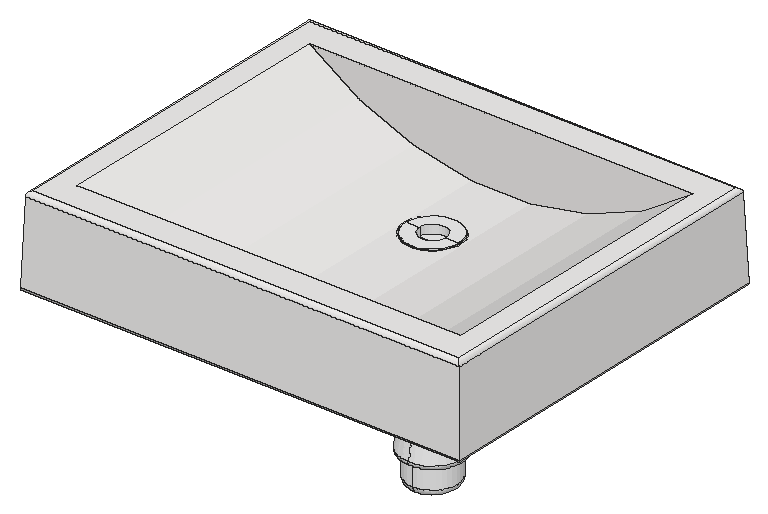
Revit family "2Incepa_Ocean_Cuba de Apoio Pacific_63067", category Plumbing Fixtures, Revit 2014
Parameters (values of type "01 - Branco")
  WFU = 2
  Type Comments = ""
  Raio Ponto de Esgoto = 20 mm
  Place on face [instance] = no
  Outros Complementos [instance] = "Sifão para lavatório 1\"x1.1⁄2\" com tubo de 300 mm (B5816C5CRB) + Válvula de escoamento para lavatório, 1\" sem ladrão com tampa plástica (B5828C5CR3), linha Complementos - Metais Celite"
  Louças [instance] = Incepa - Louça_Branca
  Incepa: Versão = "Autodesk Revit MEP 2014"  # constant formula
  Incepa: Vazão de Esgoto [instance] = 0.0 L/s
  Incepa: Tipo = "Cubas"  # constant formula
  Incepa: Produto = "Louças"  # constant formula
  Incepa: Norma = "ABNT NBR 15097-1: 2011 - Requisitos e métodos de ensaio"
  Incepa: Link do Produto = "http://www.banheirosincepa.com.br/pt/produtos/436/"
  Incepa: Linha = "Ocean"  # constant formula
  Incepa: Informações Técnicas [instance] = "N/A"
  Incepa: Informações Gerais [instance] = "N/A"
  Incepa: Fabricante = "Incepa"  # constant formula
  Incepa: Desenho Técnico = "N/A"
  Incepa: Descrição = "Cuba de apoio Pacific cor branca (63067), 500 x 410 mm, linha Ocean - Louças Incepa"
  Incepa: Código = "63067"
  Incepa: Cores Disponíveis = "Branco"
  Incepa: Copyright © = "© 2015 Incepa"  # constant formula
  Incepa: Complementos [instance] = if(Complemento, Outros Complementos, "N/A")  # "Sifão para lavatório 1\"x1.1⁄2\" com tubo de 300 mm (B5816C5CRB) + Válvula de escoamento para lavatório, 1\" sem ladrão com tampa plástica (B5828C5CR3), linha Complementos - Metais Celite"
  Incepa: Categoria = "Cubas e Lavatórios"  # constant formula
  Incepa: Altura da torneira [instance] = Elevação somente no plano  # 662 mm
  Incepa: Altura da Peça [instance] = Elevação somente no plano  # 662 mm
  Incepa: Altura Ponto de Esgoto [instance] = Altura Ponto de Esgoto  # 500 mm
  Desnível Aux. Ponto de Esgoto [instance] = 100 mm
  HWFU = 0
  Diâmetro Ponto de Esgoto = Raio Ponto de Esgoto * 2  # 40 mm
  Distância Parede/Face [instance] = 0 mm
  Tipo de Sifão [instance] = Celite_Complementos_Sifão de Uso Geral : Sifão para lavatório - B5816C5CRB
  Complemento [instance] = yes
  URL = "http://www.banheirosincepa.com.br/pt"
  Selo de Qualidade ofcdesk = "Standard"  # constant formula
  Model = Incepa: Código  # "63067"
  Metais [instance] = Celite - Cromado
  Manufacturer = Incepa: Fabricante  # "Incepa"
  Elevação somente no plano [instance] = 662 mm
  Description = Incepa: Descrição  # "Cuba de apoio Pacific cor branca (63067), 500 x 410 mm, linha Ocean - Louças Incepa"
  Default Elevation = 0 mm
  Desenvolvido por = "ofcdesk"  # constant formula
  Com Válvula (quantificável) [instance] = yes
  Com Sifão (quantificável) [instance] = yes
  CWFU = 0
  Assembly Code = "D2010400"
  Desnível Ponto de Esgoto [instance] = if(not(Place on face), Elevação somente no plano - Altura Ponto de Esgoto, Desnível Aux. Ponto de Esgoto)  # 162 mm
  Altura Ponto de Esgoto [instance] = 500 mm
Reference planes
  plane 1 "Center (Front/Back)": y = 0
  plane 2: z = 0
  plane 3 "Center (Left/Right)": x = 0
  plane 4: z = 662
  plane 5: z = 500
  plane 6: y = -65
  plane 7: y = 0
  plane 8: z = 624.793
  plane 9: y = -136.034
  plane 10: z = 616.5
  plane 11: z = 687
Dimensions and locks
  "Elevação somente no plano": plane 4 to plane 2
  "Desnível Ponto de Esgoto": plane 4 to plane 5
  plane 11 to plane 4 to plane 8 = 25 mm locked, 37.207 mm locked
  plane 7 to plane 6 to plane 9 = 65 mm locked, 71.034 mm locked
  "Distância Parede/Face": plane 1 "Center (Front/Back)" to plane 7
  locked: plane 8 to plane 10 at 8.293
  aligned and locked: level to plane 2
  aligned and locked: plane 1 "Center (Front/Back)" to nested 3
  aligned and locked: plane 5 to nested 3
  aligned and locked: plane 8 to nested 3
  aligned and locked: plane 9 to nested 3
  aligned and locked: nested 2 to plane 9
  aligned and locked: plane 3 "Center (Left/Right)" to nested 2
  aligned and locked: nested 1 to plane 7
Nested families
  nested 1: "63067" at (0, 0, 662), Louças <- "Louças", type "63067"
  nested 2: "Celite_Complementos_Válvula de Escoamento" at (0, -136.034, 687), Metais <- "Metais", visible <- "Com Válvula (quantificável)", type "Válvula de escoamento para lavatório - B5828C5CR3"
    with Raio2 30 mm, Raio1 16 mm, Raio furo 15 mm, Metais Celite - Cromado, L/Rosca 54.856 mm, Comprimento 70.5 mm, Celite: Norma "ABNT NBR 15423:2006 - Requisitos e métodos de ensaio"
  nested 3: "Celite_Complementos_Sifão de Uso Geral" at (0, 0, 500), visible <- "Com Sifão (quantificável)", Metais <- "Metais", Celite: Vazão de Projeto <- "Incepa: Vazão de Esgoto", type "Sifão para lavatório - B5816C5CRB"
    with Raio1 16 mm, Metais Celite - Cromado, Elevação 0 mm, Celite: Vazão de Projeto 0.0 L/s, Celite: Informações Técnicas "N/A", Celite: Informações Gerais "N/A", Celite: Altura da Peça 0 mm, Ajuste Vetical no Lavatório 124.793 mm, Afastamento da Parede 136.034 mm
Connectors
  piping at (0, -14.131, 500), diameter 40, driven by "Raio Ponto de Esgoto", driven by "Incepa: Vazão de Esgoto", driven by "WFU"
    settings: on nested 3, index 1, connector inside diameter 609.6 mm, connector length 0 mm, flow factor 0, pipe flow 0.0 L/s, pressure drop 0.0 kPa, fitting loss kfactor 0, connector angle 0.00°, fixture units 2, engagement length 0 mm, angle of deflection 0.00°, flow configuration 3, flow direction 2, fitting loss method 0, system type 16, joint type 0, gender type 0, connector reference index -1, connector utility 0, adjustable connector no, is connector primary yes, connector description ""
Definition of nested family "63067"
  Parameters (values of type "63067")
    WFU = 0
    Type Comments = ""
    Profundidade = 410 mm
    Largura = 500 mm
    HWFU = 0
    URL = "http://www.incepa.com.br"
    Selo de Qualidade ofcdesk = "Standard"  # constant formula
    Model = ""
    Manufacturer = "Incepa"
    Louças [instance] = Incepa - Louça_Branca
    Description = ""
    Default Elevation = 0 mm
    Desenvolvido por = "ofcdesk"  # constant formula
    CWFU = 0
    Assembly Code = ""
  Reference planes
    plane 1 "Back": y = 0
    plane 2: z = 0
    plane 3 "Center (Left/Right)": x = 0
    plane 4 "Top": z = 100
    plane 5: y = -410
    plane 6: x = -250
    plane 7: x = 250
    plane 8: y = -136.034
  Forms (mm)
    Sweep 1, solid, material "Incepa - Louça_Branca" <- "Louças"
      path origin (0, 0, 0) x (1, 0, 0) y (0, 1, 0)
        loop
          line (-250, 0) -> (-250, -410) -> (250, -410) -> (250, 0) -> (-250, 0)
      profile origin (-250, -205, 0) x (1, 0, 0) y (0, 0, 1)
        loop
          line (1.966, 0) -> (30, 0) -> (30, 100) -> (8.248, 100)
          arc (8.248, 100) -> (4.774, 98.595) -> (3.251, 95.171) r 5
          line (3.251, 95.171) -> (0.067, 1.965)
          arc (0.067, 1.965) -> (0.6, 0.58) -> (1.966, 0) r 1.9
    Extrusion 2, solid, material "Incepa - Louça_Branca" <- "Louças"
      sketch origin (0, 0, 0) x (1, 0, 0) y (0, 1, 0)
        loop
          line (-220, -380) -> (220, -380) -> (220, -30) -> (-220, -30) -> (-220, -380)
      from 0 to 100
    Extrusion 3, void
      sketch origin (0, 0, 0) x (1, 0, 0) y (0, 0, 1)
        loop
          arc (-250, 129.681) -> (-0.248, 23.874) -> (250, 128.503) r 349.611
          line (250, 128.503) -> (250, 170) -> (-250, 170) -> (-250, 129.681)
      from 40.016 to 369.845
    Revolve 4, void
      sketch origin (0, 0, 0) x (0, 1, 0) y (0, 0, 1)
        loop
          line (-157.211, 14.057) -> (-157.211, -3.756) -> (-136.034, -3.756) -> (-136.034, 38.203) -> (-181.358, 38.203) -> (-157.211, 14.057)
        axis (-136.034, -3.756) -> (-136.034, 38.203)
      angle from 0 to 360
  Cuts and joins
    Extrusion 3, Revolve 4 cuts Sweep 1
    Extrusion 3, Revolve 4 cuts Extrusion 2
    joined: Sweep 1, Extrusion 2
  Dimensions and locks
    plane 4 "Top" to plane 2 = 100 mm  (x2)
    "Largura": plane 6 to plane 7
    "Profundidade": plane 5 to plane 1 "Back"
    equal spacing: plane 6, plane 3 "Center (Left/Right)", plane 7
    plane 1 "Back" to Revolve 4 sketch curve to Revolve 4 sketch curve to Revolve 4 sketch curve = 136.034 mm locked, 21.178 mm locked, 24.146 mm locked
    Extrusion 3 sketch curve to Extrusion 3 sketch curve to Extrusion 3 sketch curve to Extrusion 3 sketch curve to plane 2 = 40.319 mm locked, 1.178 mm locked, 104.63 mm locked, 23.873 mm locked
    aligned and locked: plane 2 to level
    aligned and locked: Sweep 1 sketch curve to plane 6
    aligned and locked: Sweep 1 sketch curve to plane 7
    aligned and locked: Sweep 1 sketch curve to plane 1 "Back"
    aligned and locked: Sweep 1 sketch curve to plane 5
    aligned and locked: Extrusion 2 sketch curve to Sweep 1  (x4)
    aligned and locked: plane 4 "Top" to Extrusion 2
    aligned and locked: plane 6 to Extrusion 3 sketch curve
    aligned and locked: Extrusion 3 sketch curve to plane 7
  Automatic sketch dimensions
    Sweep 1 sketch curve to level = 0 mm
    Sweep 1 sketch curve to profile plane = 0.067 mm
    Sweep 1 sketch curve to Sweep 1 sketch curve = 1.899 mm
    Sweep 1 sketch curve to profile plane = 3.251 mm
    Sweep 1 sketch curve to Sweep 1 sketch curve = 4.997 mm
    level to Sweep 1 sketch curve = 1.9 mm
    Sweep 1 sketch curve to Sweep 1 sketch curve = 93.1 mm
    Sweep 1 sketch curve to Sweep 1 sketch curve = 0.171 mm
    Sweep 1 sketch curve to Sweep 1 sketch curve = 28.034 mm
    level to Revolve 4 sketch curve = 38.203 mm
    level to Revolve 4 sketch curve = 14.057 mm
    Revolve 4 sketch curve to level = 3.756 mm
    Revolve 4 sketch curve to Revolve 4 sketch curve = 0 mm  (x2)
    Revolve 4 sketch curve to Revolve 4 sketch curve = 18.011 mm
Definition of nested family "Celite_Complementos_Válvula de Escoamento"
  Parameters (values of type "Válvula de escoamento para lavatório - B5828C5CR3")
    Waste Connection = 1 = 0  # no
    WFU = 0  # constant formula
    Vent Connection = 1 = 0  # no
    URL = "http://www.celite.com.br"
    Selo de Qualidade ofcdesk = "Standard"  # constant formula
    Raio1 [instance] = 16 mm
    Raio2 [instance] = 30 mm
    Raio furo [instance] = 15 mm
    Model = Celite: Código  # "B5828C5CR3"
    Metais [instance] = Celite - Cromado
    Manufacturer = Celite: Fabricante  # "Celite"
    L/Rosca [instance] = 59.5 mm
    HWFU = 0  # constant formula
    HW Connection = 1 = 0  # no
    Desenvolvido por = "ofcdesk"  # constant formula
    Description = Celite: Descrição  # "Válvula de escoamento para lavatório, 1\" sem ladrão com tampa plástica (B5828C5CR3), Complementos - Metais Celite"
    Default Elevation = 0 mm
    Comprimento [instance] = 70.5 mm
    Celite: Versão = "Autodesk Revit MEP 2014"  # constant formula
    Celite: Tipo = "Válvulas de escoamento"  # constant formula
    Celite: Produto = "Metais"  # constant formula
    Celite: Norma [instance] = "ABNT NBR 15423:2006 - Requisitos e métodos de ensaio"
    Celite: Link do Produto = "http://www.celite.com.br/pt/produtos/categoria/2/tipo/10/subtipo/19/"
    Celite: Linha = "Válvulas"  # constant formula
    Celite: Informações Técnicas = "N/A"
    Celite: Informações Gerais = "N/A"
    Celite: Fabricante = "Celite"  # constant formula
    Celite: Desenho Técnico = "http://www.celite.com.br/media/uploads/desenhos_tecnicos/A5828C5CR3_Valvula_de_escoamento_Lavatorio.pdf"
    Celite: Descrição = "Válvula de escoamento para lavatório, 1\" sem ladrão com tampa plástica (B5828C5CR3), Complementos - Metais Celite"
    Celite: Código = "B5828C5CR3"
    Celite: Cores Disponíveis = "Cromado"
    Celite: Copyright © = "© 2014 Celite"  # constant formula
    Celite: Categoria = "Complementos"  # constant formula
    CW Connection = 1 = 0  # no
    Assembly Code = "D2010"
  Types (5, lengths in mm): name | Raio1 | Raio2 | Raio furo | Model | L/Rosca | Description | Comprimento | Celite: Desenho Técnico | Celite: Descrição | Celite: Código
    (no name) | 16 | 30 | 15 | "B5828C5CR3" | 59.5 | "Válvula de escoamento para lavatório, 1\" sem ladrão com tampa plástica (B5828C5CR3), Complementos - Metais Celite" | 70.5 | "http://www.celite.com.br/media/uploads/desenhos_tecnicos/A5828C5CR3_Valvula_de_escoamento_Lavatorio.pdf" | "Válvula de escoamento para lavatório, 1\" sem ladrão com tampa plástica (B5828C5CR3), Complementos - Metais Celite" | "B5828C5CR3"
    Válvula de escoamento para lavatório - B5828C5CR3 | 16 | 30 | 15 | "B5828C5CR3" | 59.5 | "Válvula de escoamento para lavatório, 1\" sem ladrão com tampa plástica (B5828C5CR3), Complementos - Metais Celite" | 70.5 | "http://www.celite.com.br/media/uploads/desenhos_tecnicos/A5828C5CR3_Valvula_de_escoamento_Lavatorio.pdf" | "Válvula de escoamento para lavatório, 1\" sem ladrão com tampa plástica (B5828C5CR3), Complementos - Metais Celite" | "B5828C5CR3"
    Válvula de escoamento para tanque - B5829C5CR3 | 20 | 32.8 | 18 | "B5829C5CR3" | 57 | "Válvula de escoamento para tanque (B5829C5CR3), Complementos - Metais Celite" | 65.5 | "http://www.celite.com.br/media/uploads/desenhos_tecnicos/A5829C5CR3_Valvula_de_escoamento_Tanque.pdf" | "Válvula de escoamento para tanque (B5829C5CR3), Complementos - Metais Celite" | "B5829C5CR3"
    Válvula de escoamento para cozinha - B5830C5CRB | 25 | 44 | 25 | "B5830C5CRB" | 35 | "Válvula de escoamento para cozinha, 3.1/2\" x 1.1/2\" com cesta metal (B5830C5CRB), Complementos - Metais Celite" | 45 | "http://www.celite.com.br/media/uploads/desenhos_tecnicos/A5830C5CRB_Valvula_de_escoamento_Cozinha_3-1.2.pdf" | "Válvula de escoamento para cozinha, 3.1/2\" x 1.1/2\" com cesta metal (B5830C5CRB), Complementos - Metais Celite" | "B5830C5CRB"
    Válvula de escoamento para cozinha - B5831C5CRB | 25 | 56.5 | 30 | "B5831C5CRB" | 35 | "Válvula de escoamento para cozinha, 4.1/2\" x 1.1/2\" com cesta metal (B5831C5CRB), Complementos - Metais Celite" | 49 | "http://www.celite.com.br/media/uploads/desenhos_tecnicos/A5831C5CRB_Valvula_de_escoamento_Cozinha_4-1.2.pdf" | "Válvula de escoamento para cozinha, 4.1/2\" x 1.1/2\" com cesta metal (B5831C5CRB), Complementos - Metais Celite" | "B5831C5CRB"
  Reference planes
    plane 1 "Center (Front/Back)": y = 0
    plane 2: z = 0
    plane 3 "Center (Left/Right)": x = 0
    plane 4: z = -70.5
    plane 5: z = -11
  Forms (mm)
    Extrusion 1, solid
      sketch origin (0, 0, 0) x (1, 0, 0) y (0, 1, 0)
        loop
          line (-400, 400) -> (-400, -400.224) -> (399.59, -400.224) -> (399.59, 400) -> (-400, 400)
      from 0 to -304.8
    Revolve 2, solid, material "Celite - Cromado" <- "Metais"
      sketch origin (0, 0, 0) x (1, 0, 0) y (0, 0, 1)
        loop
          line (0, -8.185) -> (-15, -8.185) -> (-15, 1) -> (-30, 1) -> (-30, 0) -> (-16, -11) -> (-16, -70.5) -> (0, -70.5) -> (0, -8.185)
        axis (0, 1) -> (0, -70.5)
      angle from 0 to 360
  Dimensions and locks
    "Comprimento": level to plane 4
    "L/Rosca": plane 5 to plane 4
    "Raio1": plane 3 "Center (Left/Right)" to Revolve 2 sketch curve
    "Raio2": plane 3 "Center (Left/Right)" to Revolve 2 sketch curve
    locked: plane 2 to Revolve 2 sketch curve at 8.185
    "Raio furo": plane 3 "Center (Left/Right)" to Revolve 2 sketch curve
    aligned and locked: plane 2 to Extrusion 1
    aligned and locked: level to Extrusion 1
    aligned and locked: Revolve 2 sketch curve to plane 3 "Center (Left/Right)"  (x2)
    aligned and locked: plane 5 to Revolve 2 sketch curve
    aligned and locked: plane 4 to Revolve 2 sketch curve
    aligned and locked: level to Revolve 2 sketch curve
  Automatic sketch dimensions
    Extrusion 1 sketch curve to Extrusion 1 sketch curve = 799.59 mm
    Extrusion 1 sketch curve to Extrusion 1 sketch curve = 800.224 mm
    Revolve 2 sketch curve to Revolve 2 sketch curve = 1 mm
    level to Revolve 2 sketch curve = 25 mm
    Revolve 2 sketch curve to Revolve 2 sketch curve = 60 mm
Definition of nested family "Celite_Complementos_Sifão de Uso Geral"
  Parameters (values of type "Sifão para cozinha - B5817C5CRB")
    WFU = 2
    URL = "http://www.celite.com.br"
    Selo de Qualidade ofcdesk = "Standard"  # constant formula
    Raio1 [instance] = 16 mm
    Raio Ponto de Esgoto = 20 mm
    Model = Celite: Código  # "B5817C5CRB"
    Metais [instance] = Celite - Cromado
    Manufacturer = Celite: Fabricante  # "Celite"
    Elevação [instance] = 680 mm
    Diâmetro Ponto de Esgoto = Raio Ponto de Esgoto * 2  # 40 mm
    Desenvolvido por = "ofcdesk"  # constant formula
    Description = Celite: Descrição  # "Sifão para cozinha 1.1⁄2”x 1.1⁄2” com tubo de 300 mm (B5817C5CRB), linha Complementos - Metais Celite"
    Default Elevation = 0 mm
    Celite: Versão = "Autodesk Revit MEP 2014"  # constant formula
    Celite: Vazão de Projeto [instance] = 0.0 L/s
    Celite: Tipo = "Sifões"  # constant formula
    Celite: Produto = "Metais"  # constant formula
    Celite: Norma = "ABNT NBR 14162:2011 - Requisitos e métodos de ensaio"
    Celite: Link do Produto = "http://www.celite.com.br/pt/produtos/categoria/2/tipo/10/subtipo/9/"
    Celite: Linha = "Complementos"  # constant formula
    Celite: Informações Técnicas [instance] = "N/A"
    Celite: Informações Gerais [instance] = "N/A"
    Celite: Fabricante = "Celite"  # constant formula
    Celite: Desenho Técnico = "http://www.celite.com.br/media/uploads/desenhos_tecnicos/A5817C5CRB.gif"
    Celite: Descrição = "Sifão para cozinha 1.1⁄2”x 1.1⁄2” com tubo de 300 mm (B5817C5CRB), linha Complementos - Metais Celite"
    Celite: Código = "B5817C5CRB"
    Celite: Cores Disponíveis = "Cromado"
    Celite: Copyright © = "© 2014 Celite"  # constant formula
    Celite: Categoria = "Cozinhas e Lavatórios"  # constant formula
    Celite: Altura da Peça [instance] = Elevação  # 680 mm
    Assembly Code = "D2010"
    Ajuste Vetical no Lavatório [instance] = 100 mm
    Afastamento da Parede [instance] = 300 mm
  Types (6, lengths in mm): name | Raio Ponto de Esgoto | Model | Diâmetro Ponto de Esgoto | Description | Celite: Desenho Técnico | Celite: Descrição | Celite: Código
    (no name) | 20 | "B5817C5CRB" | 40 | "Sifão para cozinha 1.1⁄2”x 1.1⁄2” com tubo de 300 mm (B5817C5CRB), linha Complementos - Metais Celite" | "http://www.celite.com.br/media/uploads/desenhos_tecnicos/A5817C5CRB.gif" | "Sifão para cozinha 1.1⁄2”x 1.1⁄2” com tubo de 300 mm (B5817C5CRB), linha Complementos - Metais Celite" | "B5817C5CRB"
    Sifão para lavatório - B5816C5CRB | 20 | "B5816C5CRB" | 40 | "Sifão para lavatório 1\"x1.1⁄2\" com tubo de 300 mm (B5816C5CRB), linha Complementos - Metais Celite" | "http://www.celite.com.br/media/uploads/desenhos_tecnicos/A5816C5CRB.gif" | "Sifão para lavatório 1\"x1.1⁄2\" com tubo de 300 mm (B5816C5CRB), linha Complementos - Metais Celite" | "B5816C5CRB"
    Sifão para tanque com adaptador para 2" - B5005C5CRB | 30 | "B5005C5CRB" | 60 | "Sifão para tanque 1.1⁄4”x 1.1⁄2” com adaptador para 2” e tubo de 200 mm (B5005C5CRB), linha Complementos - Metais Celite" | "http://www.celite.com.br/media/uploads/desenhos_tecnicos/A5005C5CRB.gif" | "Sifão para tanque 1.1⁄4”x 1.1⁄2” com adaptador para 2” e tubo de 200 mm (B5005C5CRB), linha Complementos - Metais Celite" | "B5005C5CRB"
    Sifão para tanque - B5005C5CRB | 20 | "B5005C5CRB" | 40 | "Sifão para tanque 1.1⁄4”x 1.1⁄2” e tubo de 200 mm (B5005C5CRB), linha Complementos - Metais Celite" | "http://www.celite.com.br/media/uploads/desenhos_tecnicos/A5005C5CRB.gif" | "Sifão para tanque 1.1⁄4”x 1.1⁄2” e tubo de 200 mm (B5005C5CRB), linha Complementos - Metais Celite" | "B5005C5CRB"
    Sifão para cozinha com adaptador para 2" - B5817C5CRB | 30 | "B5817C5CRB" | 60 | "Sifão para cozinha 1.1⁄2”x 1.1⁄2” com adaptador para 2” e tubo de 300 mm (B5817C5CRB), linha Complementos - Metais Celite" | "http://www.celite.com.br/media/uploads/desenhos_tecnicos/A5817C5CRB.gif" | "Sifão para cozinha 1.1⁄2”x 1.1⁄2” com adaptador para 2” e tubo de 300 mm (B5817C5CRB), linha Complementos - Metais Celite" | "B5817C5CRB"
    Sifão para cozinha - B5817C5CRB | 20 | "B5817C5CRB" | 40 | "Sifão para cozinha 1.1⁄2”x 1.1⁄2” com tubo de 300 mm (B5817C5CRB), linha Complementos - Metais Celite" | "http://www.celite.com.br/media/uploads/desenhos_tecnicos/A5817C5CRB.gif" | "Sifão para cozinha 1.1⁄2”x 1.1⁄2” com tubo de 300 mm (B5817C5CRB), linha Complementos - Metais Celite" | "B5817C5CRB"
  Reference planes
    plane 1 "Center (Front/Back)": y = 0
    plane 2: z = 0
    plane 3 "Center (Left/Right)": x = 0
    plane 4: y = -300
    plane 5: z = 780
    plane 6: z = 680
  Forms (mm)
    Sweep 1, solid, material "Celite - Cromado" <- "Metais"
      path origin (0, 1442.421, 680) x (0, 1, 0) y (-1, 0, 0)
        loop
          line (-1442.421, 0) -> (-1697.421, 0)
      profile origin (0, -127.5, 680) x (1, 0, 0) y (0, 0, 1)
        loop
          circle (0, 0) r 19.05
        loop
          circle (0, 0) r 16
    Revolve 2, solid, material "Celite - Cromado" <- "Metais"
      sketch origin (0, 0, 0) x (0, 1, 0) y (0, 0, 1)
        loop
          line (-255, 680) -> (-255, 701.589)
          arc (-255, 701.589) -> (-256.067, 704.702) -> (-258.821, 706.505) r 5.073
          arc (-258.821, 706.505) -> (-261.574, 706.108) -> (-263.24, 703.88) r 3.635
          line (-263.24, 703.88) -> (-265.857, 703.88) -> (-265.857, 680) -> (-255, 680)
        axis (-265.857, 680) -> (-255, 680)
      angle from 0 to 360
    SweptBlend 3, solid, material "Celite - Cromado" <- "Metais"
      path origin (0, 0, 0) x (0, 1, 0) y (0, 0, 1)
        loop
          line (-265.857, 680) -> (-300, 680)
      profile origin (0, -265.857, 680) x (0, 0, -1) y (1, 0, 0)
        loop
          circle (0, 0) r 22.486
      end profile origin (0, -300, 680) x (0, 0, -1) y (1, 0, 0)
        loop
          circle (0, 0) r 21.589
    Revolve 4, solid, material "Celite - Cromado" <- "Metais"
      sketch origin (0, 0, 0) x (0, 1, 0) y (0, 0, 1)
        loop
          line (-300, 704.157) -> (-274.606, 704.157) -> (-274.606, 707.127)
          arc (-274.606, 707.127) -> (-274.901, 707.84) -> (-275.614, 708.135) r 1.008
          line (-275.614, 708.135) -> (-282.5, 708.135) -> (-283.521, 709.156) -> (-300, 709.156) -> (-300, 704.157)
        axis (-300, 709.156) -> (-300, 704.157)
      angle from 0 to 360
    Sweep 5, solid, material "Celite - Cromado" <- "Metais"
      path origin (0, 0, 0) x (0, 1, 0) y (0, 0, 1)
        loop
          line (-300, 709.156) -> (-300, 715.122)
      profile origin (0, -300, 712.139) x (0, -1, 0) y (1, 0, 0)
        loop
          circle (0, 0) r 16.479
    Sweep 6, solid, material "Celite - Cromado" <- "Metais"
      path origin (0, 0, 0) x (0, 1, 0) y (0, 0, 1)
        loop
          line (-300, 715.122) -> (-300, 769.613)
      profile origin (0, -300, 742.368) x (0, -1, 0) y (1, 0, 0)
        loop
          circle (0, 0) r 13
    Revolve 7, solid, material "Celite - Cromado" <- "Metais"
      sketch origin (0, 0, 0) x (0, 1, 0) y (0, 0, 1)
        loop
          line (0, 699.07) -> (0, 714.571)
          arc (0, 714.571) -> (-7.459, 714.035) -> (-14.888, 713.172) r 170.27
          arc (-14.888, 713.172) -> (-16.254, 712.452) -> (-16.959, 711.077) r 2.565
          line (-16.959, 711.077) -> (-16.959, 699.07) -> (0, 699.07)
        axis (-16.959, 680) -> (0, 680)
      angle from 0 to 360
    Sweep 8, void
      path origin (0, 1442.421, 680) x (0, 1, 0) y (-1, 0, 0)
        loop
          line (-1440.976, 0) -> (-1456.552, 0)
      profile origin (0, -6.343, 680) x (1, 0, 0) y (0, 0, 1)
        loop
          circle (0, 0) r 30
    Revolve 9, solid, material "Celite - Cromado" <- "Metais"
      sketch origin (0, 0, 0) x (0, 1, 0) y (0, 0, 1)
        loop
          line (-300, 771.707) -> (-300, 769.613) -> (-281.111, 769.613) -> (-281.111, 780) -> (-284, 780) -> (-284, 771.707) -> (-300, 771.707)
        axis (-300, 780) -> (-300, 769.613)
      angle from 0 to 360
    Revolve 10, solid, material "Celite - Cromado" <- "Metais"
      sketch origin (0, 0, 0) x (0, 1, 0) y (0, 0, 1)
        loop
          line (-300, 704.157) -> (-325.394, 704.157) -> (-334.85, 649.952)
          arc (-334.85, 649.952) -> (-333.712, 646.324) -> (-330.244, 644.765) r 4.638
          line (-330.244, 644.765) -> (-328.223, 644.765) -> (-328.223, 621.563)
          arc (-328.223, 621.563) -> (-326.054, 616.326) -> (-320.818, 614.157) r 7.405
          line (-320.818, 614.157) -> (-300, 614.157) -> (-300, 704.157)
        axis (-300, 704.157) -> (-300, 614.157)
      angle from 0 to 360
  Cuts and joins
    Sweep 8 cuts Sweep 1
    joined: Sweep 1, Revolve 2, SweptBlend 3, Revolve 4, Sweep 5, Sweep 6, Revolve 9, Revolve 10
    Sweep 8 cuts Revolve 7
  Dimensions and locks
    "Ajuste Vetical no Lavatório": plane 5 to plane 6
    "Elevação": plane 6 to level
    locked: Sweep 1 sketch curve to plane 4 at 45
    Sweep 8 sketch curve to Sweep 8 sketch curve = 15.576 mm
    Revolve 7 sketch curve to Revolve 7 sketch curve to Revolve 7 sketch curve = 14.888 mm locked, 2.071 mm locked
    locked: Revolve 9 sketch curve to Revolve 9 sketch curve at 2.889
    "Raio1": Revolve 9 sketch curve to plane 4
    plane 5 to Revolve 9 sketch curve to Revolve 9 sketch curve = 8.293 mm locked, 2.093 mm locked
    Revolve 7 sketch curve to Revolve 7 sketch curve to Revolve 7 sketch curve to Revolve 7 sketch curve to plane 6 = 1.399 mm locked, 2.095 mm locked, 12.007 mm locked, 19.07 mm locked
    "Afastamento da Parede": plane 1 "Center (Front/Back)" to plane 4
    radius of Sweep 1 sketch curve = 16 mm
    radius of Revolve 7 sketch curve = 2.565 mm
    aligned and locked: level to plane 2
    aligned and locked: plane 6 to Revolve 2 sketch curve
    aligned and locked: Revolve 2 sketch curve to plane 6
    aligned and locked: SweptBlend 3 sketch curve to plane 6
    aligned and locked: Revolve 4 sketch curve to plane 4
    aligned and locked: Sweep 5 sketch curve to plane 4
    aligned and locked: Revolve 4 to Sweep 5 sketch curve
    aligned and locked: Sweep 5 sketch curve to Revolve 4  (x2)
    aligned and locked: Sweep 5 to Sweep 6 sketch curve
    aligned and locked: Sweep 6 sketch curve to plane 4
    aligned and locked: Revolve 9 sketch curve to plane 4
    aligned and locked: plane 4 to Revolve 9 sketch curve
    aligned and locked: plane 4 to Revolve 10 sketch curve
    aligned and locked: Revolve 10 sketch curve to plane 4
    aligned and locked: plane 4 to SweptBlend 3 sketch curve
    aligned and locked: cut or joined group of Sweep 1, Revolve 2, SweptBlend 3, Revolve 4, Sweep 5, Sweep 6, Sweep 8, Revolve 9, Revolve 10 to SweptBlend 3 sketch curve
    aligned and locked: plane 6 to Sweep 8 sketch curve
    aligned and locked: plane 3 "Center (Left/Right)" to Sweep 8 sketch curve
  Automatic sketch dimensions
    Sweep 1 sketch curve to plane 3 "Center (Left/Right)" = 0 mm
    Revolve 4 sketch curve to plane 4 = 0 mm
    plane 4 to Revolve 4 sketch curve = 16.479 mm
    Revolve 4 sketch curve to Revolve 4 sketch curve = 1.021 mm  (x2)
    Revolve 4 sketch curve to Revolve 4 sketch curve = 6.886 mm
    Revolve 4 sketch curve to Revolve 4 sketch curve = 1.008 mm
    plane 6 to Revolve 4 sketch curve = 22.296 mm
    Revolve 4 sketch curve to Revolve 4 sketch curve = 1.862 mm
    Revolve 4 sketch curve to Revolve 4 sketch curve = 0 mm
    Revolve 4 sketch curve to Revolve 4 sketch curve = 2.97 mm
    Sweep 6 sketch curve to plane 3 "Center (Left/Right)" = 0 mm
    Sweep 6 sketch curve to profile plane = 0 mm
    SweptBlend 3 sketch curve to plane 3 "Center (Left/Right)" = 0 mm  (x2)
    SweptBlend 3 sketch curve to profile plane = 0 mm  (x2)
    Sweep 1 sketch curve to Sweep 1 sketch curve = 0 mm  (x2)
    Sweep 1 sketch curve to plane 6 = 0 mm
    profile plane to Sweep 1 sketch curve = 0 mm
    Sweep 6 sketch curve to plane 5 = 10.387 mm
    Revolve 7 sketch curve to plane 1 "Center (Front/Back)" = 0 mm  (x2)
    Revolve 7 sketch curve to plane 6 = 0 mm
    Revolve 7 sketch curve to plane 1 "Center (Front/Back)" = 5 mm
    Sweep 5 sketch curve to Sweep 5 sketch curve = 5.967 mm
    Revolve 10 sketch curve to Revolve 10 sketch curve = 20.818 mm
    Revolve 10 sketch curve to Revolve 10 sketch curve = 25.394 mm
    Revolve 10 sketch curve to Revolve 10 sketch curve = 7.405 mm
    Revolve 10 sketch curve to Revolve 10 sketch curve = 2.021 mm
    Revolve 10 sketch curve to Revolve 10 sketch curve = 4.606 mm
    Revolve 10 sketch curve to plane 6 = 95.843 mm
    Revolve 10 sketch curve to Revolve 10 sketch curve = 20 mm
    Revolve 10 sketch curve to Revolve 10 sketch curve = 10 mm
    Revolve 10 sketch curve to Revolve 10 sketch curve = 23.202 mm
    Revolve 10 sketch curve to Revolve 10 sketch curve = 4.638 mm
    plane 6 to Revolve 10 sketch curve = 24.157 mm
    SweptBlend 3 sketch curve to SweptBlend 3 sketch curve = 0 mm  (x2)
    SweptBlend 3 sketch curve to SweptBlend 3 sketch curve = 22.486 mm
    plane 4 to Revolve 2 sketch curve = 34.143 mm
    Revolve 2 sketch curve to Revolve 2 sketch curve = 2.616 mm
    Revolve 2 sketch curve to Revolve 2 sketch curve = 3.167 mm
    Revolve 2 sketch curve to Revolve 2 sketch curve = 0.355 mm
    Revolve 2 sketch curve to Revolve 2 sketch curve = 0.897 mm
    Revolve 2 sketch curve to Revolve 2 sketch curve = 0 mm  (x2)
    Revolve 2 sketch curve to Revolve 2 sketch curve = 4.718 mm
    Revolve 2 sketch curve to Revolve 2 sketch curve = 5 mm
    plane 6 to Revolve 2 sketch curve = 21.589 mm
    Sweep 8 sketch curve to plane 3 "Center (Left/Right)" = 0 mm
    Revolve 7 sketch curve to plane 1 "Center (Front/Back)" = 8.47 mm
    plane 1 "Center (Front/Back)" to Sweep 1 sketch curve = 0 mm
    Revolve 9 sketch curve to plane 5 = 0 mm
    Revolve 9 sketch curve to plane 5 = 3.821 mm
    plane 5 to Revolve 9 sketch curve = 8.366 mm
    radius of Sweep 6 sketch curve = 13 mm
    radius of SweptBlend 3 sketch curve = 21.589 mm
    radius of Sweep 1 sketch curve = 19.05 mm
    radius of Sweep 8 sketch curve = 30 mm
  Connectors
    piping at (0, 0, 680), diameter 40, driven by "WFU", driven by "Raio Ponto de Esgoto", driven by "Celite: Vazão de Projeto"
      settings: on Sweep 1, index 1, connector inside diameter 40 mm, connector length 0 mm, flow factor 0, pipe flow 0.0 L/s, pressure drop 0.0 kPa, fitting loss kfactor 0, connector angle 0.00°, fixture units 2, engagement length 0 mm, angle of deflection 0.00°, flow configuration 3, flow direction 2, fitting loss method 0, system type 16, joint type 0, gender type 0, connector reference index -1, connector utility 0, adjustable connector no, is connector primary yes, connector description ""
